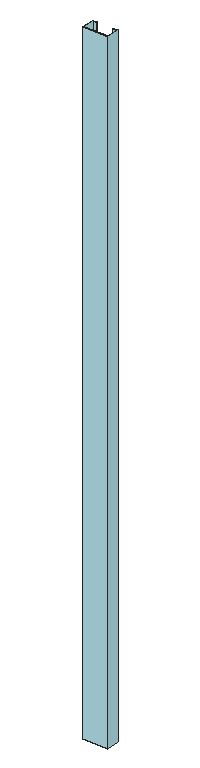
Revit family "リップ付チャンネルAS-40×20×7×1.0", category 機械設備, Revit 2020
Family settings
  丸型コネクタ寸法 = 直径を使用
  種別 = なし
  パーツ タイプ = 標準
  作業面ベース = いいえ
  常に垂直 = はい
  ロード時にボイドで切り取り = いいえ
  共有 = いいえ
  部屋計算ポイント = いいえ
Parameters
  製造元 = "株式会社桐井製作所"
  既定の高さ = 0 mm
  URL = "https://www.kirii.co.jp/"
  K_長さ(mm) [instance] = 1000 mm
  K_外形寸法(mm) = "40×20×7×1.0"
  K_品名 = "リップ付チャンネルAS-40×20×7×1.0"
  K_名称 = "斜め部材(ブレース材)"
  K_バージョン情報 = "20210714"
Reference planes
  plane 1 "中心(正面/背面)": y = 0
  plane 2: z = 0
  plane 3 "中心(左/右)": x = 0
  plane 4: x = 20
  plane 5: x = -20
  plane 6: z = 1000
Forms (mm)
  Extrusion 1, solid
    sketch origin (0, 1, 0) x (1, 0, 0) y (0, 1, 0)
      loop
        line (-20, 19) -> (-20, -1) -> (20, -1) -> (20, 19) -> (13, 19) -> (13, 18) -> (19, 18) -> (19, 0) -> (-19, 0) -> (-19, 18) -> (-13, 18) -> (-13, 19) -> (-20, 19)
    from 0 to 1000
Dimensions and locks
  "K_長さ(mm)": plane 6 to plane 2
  aligned and locked: level to plane 2
  aligned and locked: plane 6 to Extrusion 1
Automatic sketch dimensions
  Extrusion 1 sketch curve to plane 4 = 0 mm
  Extrusion 1 sketch curve to plane 4 = 7 mm
  Extrusion 1 sketch curve to plane 1 "中心(正面/背面)" = 19 mm  (x2)
  Extrusion 1 sketch curve to Extrusion 1 sketch curve = 1 mm  (x2)
  Extrusion 1 sketch curve to plane 3 "中心(左/右)" = 13 mm
  plane 5 to Extrusion 1 sketch curve = 1 mm
  Extrusion 1 sketch curve to plane 1 "中心(正面/背面)" = 1 mm
  Extrusion 1 sketch curve to plane 4 = 1 mm
  Extrusion 1 sketch curve to plane 5 = 0 mm
  plane 1 "中心(正面/背面)" to Extrusion 1 sketch curve = 0 mm
